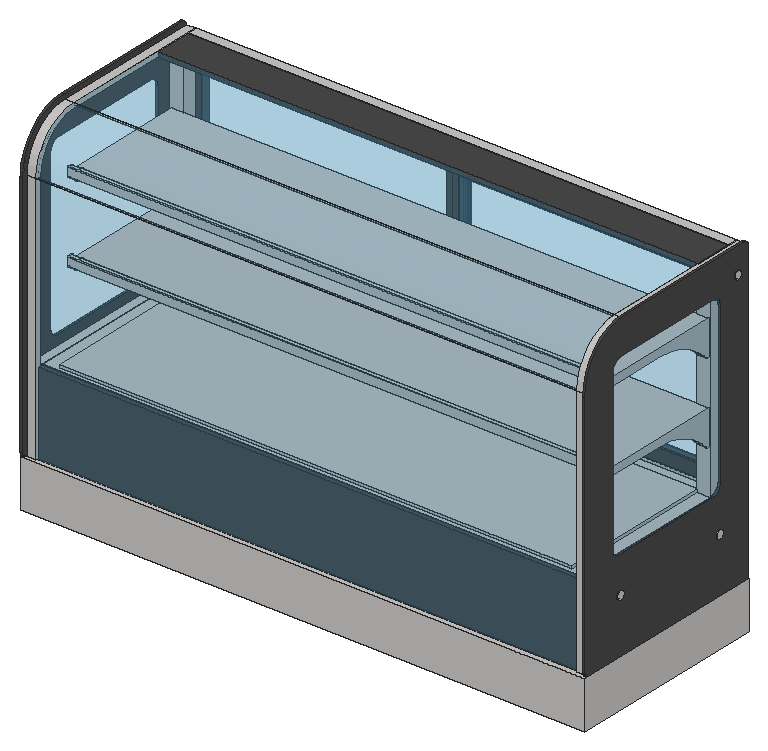
Revit family "Qf_Vollrath_HDC9360_Heated_Display_Case_Cubed_Countertop-60 inches_cat", category Specialty Equipment, Revit 2019 (continued)
Automatic sketch dimensions
  Extrusion 20 to Extrusion 39 sketch curve = 0.5"
  Extrusion 39 sketch curve to Extrusion 20 = 1.5"  (x2)
  Extrusion 20 to Extrusion 39 sketch curve = 3.20977"
  Extrusion 40 sketch curve to Extrusion 20 = 0.0"  (x3)
  Extrusion 20 to Extrusion 40 sketch curve = 3.625"
  Extrusion 41 sketch curve to Extrusion 5 = 0.0"
  Extrusion 41 sketch curve to Extrusion 5 = 4.0"
  Extrusion 42 sketch curve to Extrusion 42 sketch curve = 1.0"
  Extrusion 1 to Extrusion 42 sketch curve = 1.0"
  Extrusion 43 sketch curve to plane 23 = 1.375"
  Extrusion 43 sketch curve to plane 23 = 0.375"  (x2)
  Extrusion 43 sketch curve to plane 19 = 0.27959"
  plane 20 to Extrusion 43 sketch curve = 0.3565"
  Extrusion 43 sketch curve to plane 5 "FRONT" = 4.625"  (x2)
  Extrusion 43 sketch curve to Extrusion 43 sketch curve = 1.0"
  plane 1 "BACK" to Extrusion 44 sketch curve = 0.5"  (x2)
  level to Extrusion 44 sketch curve = 1.36639"
  plane 15 to Extrusion 44 sketch curve = 1.24362"
  Extrusion 44 sketch curve to plane 1 "BACK" = 1.5"
  plane 15 to Extrusion 44 sketch curve = 3.01139"
  plane 1 "BACK" to Extrusion 44 sketch curve = 2.26777"
  radius of Extrusion 2 sketch curve = 0.375"  (x3)
  radius of Extrusion 4 sketch curve = 0.375"  (x3)
  radius of Extrusion 19 sketch curve to Extrusion 7 = 0.0"  (x2)
  radius of Extrusion 30 sketch curve to Extrusion 28 = 0.0"  (x2)
  radius of Extrusion 35 sketch curve = 0.5"
  radius of Extrusion 41 sketch curve to Extrusion 5 = 0.0"
  radius of Extrusion 41 sketch curve to Extrusion 5 = 0.25"
  radius of Extrusion 42 sketch curve to Extrusion 1 = 0.0"  (x2)
Connectors (in)
  electrical at (3.94184, -0.52697, 2.35052), driven by "Volts", driven by "Watts"
    settings: on Extrusion 35, index 3, voltage 120 V, apparent load 696 VA, apparent load phase1 0 VA, apparent load phase2 0 VA, apparent load phase3 0 VA, power factor 1, load classification "Other", number of poles 1, system type 30, power factor state 1, is connector primary yes, connector utility no, sub classification motor no, connector description ""
Types (2): name | Cycle
  HDC9360_120/50/1 | 50 Hz
  HDC9360_120/60/1 | 60 Hz
